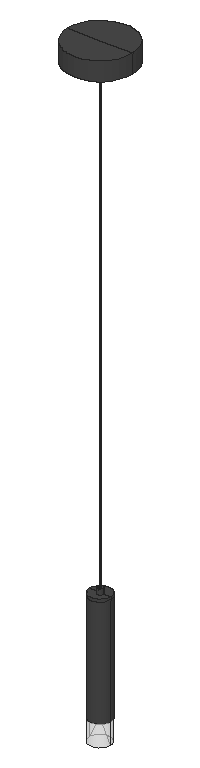
Revit family "3-6195-xx Alarum pendant", category Luminarias, Revit 2021
Family settings
  Anfitrión = Techo
  Cota de conector redondo = Diámetro de uso
  Tipo de pieza = Normal
  Número OmniClass = 23.80.70.11
  Título OmniClass = Luminaries for Internal Lighting
  Siempre vertical = Sí
  Corte con vacíos al cargar = No
  Origen de luz = Sí
  Compartido = No
  Punto de cálculo de habitación = No
Parameters (values of type "3-6195-15 / Black - Matte White Acrylic")
  Pendant height [instance] = 60.00"
  Comentarios de vataje = "4.11 W at 120 V"  # constant formula
  Wattage = 4.11 W
  built-in parameter 1150110 = 1 (stored number, unit not read)
  Voltage Input = "120 V or 277 V - 50/60 Hz"  # constant formula
  Voltage = 277 V
  URL = ""
  built-in parameter 1114217 = 1 (stored number, unit not read)
  Tilt Angle = 90.00°  # constant formula
  built-in parameter 1150109 = 1 (stored number, unit not read)
  built-in parameter 1150134 = (empty or 0)
  built-in parameter 1150113 = 1 (stored number, unit not read)
  References = "Ref. 3 = 120 V / Ref. 37 = 277 V"  # constant formula
  Archivo de red fotométrica = "3-6195-15 Alarum 1 Lt Pendant.ies"
  Modelo = "3-6195-xxx Alarun (Pendant)"  # constant formula
  Metal Finish = 15 - Black
  Fabricante = "Oxygen Lighting"  # constant formula
  Main Diffuser = Matte White Acrylic
  Lumens = 186.594 lm
  built-in parameter 1150115 = 1 (stored number, unit not read)
  built-in parameter 1150105 = 14.849 (stored number, unit not read)
  built-in parameter 1150137 = (empty or 0)
  built-in parameter 1150139 = (empty or 0)
  built-in parameter 1150112 = 1 (stored number, unit not read)
  built-in parameter 1150114 = 1 (stored number, unit not read)
  Lámpara = "LED"  # constant formula
  built-in parameter 1150132 = (empty or 0)
  built-in parameter 1150102 = (empty or 0)
  built-in parameter 1150138 = (empty or 0)
  built-in parameter 1150107 = 3000 (stored number, unit not read)
  built-in parameter 1150106 = 0.14849 (stored number, unit not read)
  built-in parameter 1150104 = 4.2178 (stored number, unit not read)
  Dimming Lamp Color Temperature Shift = (empty or 0)
  Default Elevation = 0.00"
  Color Filter = 16777215
  built-in parameter 1114218 = 1 (stored number, unit not read)
  built-in parameter 1150133 = 10 (stored number, unit not read)
Types (3): name | Pendant height | Metal Finish | Lumens | built-in parameter 1150105 | built-in parameter 1150106 | built-in parameter 1150104
  (no name) | 60.00" | 15 - Black | 186.594 lm | 14.849 (stored number, unit not read) | 0.14849 (stored number, unit not read) | 4.2178 (stored number, unit not read)
  3-6195-15 / Black - Matte White Acrylic | 60.00" | 15 - Black | 186.594 lm | 14.849 (stored number, unit not read) | 0.14849 (stored number, unit not read) | 4.2178 (stored number, unit not read)
  3-6195-40 / Aged Brass - Matte White Acrylic | 46.77503" | 40 - Aged Brass | 187.005 lm | 14.881 (stored number, unit not read) | 0.14881 (stored number, unit not read) | 4.2271 (stored number, unit not read)
Reference planes (in)
  plane 1 "Light Source Axis (F/B)": y = 0
  plane 2 "Ceiling": z = 96
  plane 3 "Light Source Axis (L/R)": x = 0
  plane 4 "Light Source Elevation": z = 36
  plane 5: z = 36
  plane 6: z = 49.13484
Forms (in)
  Revolve 1, solid, material "15 - Black" <- "Metal Finish"
    sketch origin (0, 0, 0) x (1, 0, 0) y (0, 0, 1)
      loop
        line (0, 96) -> (0, 94.23285) -> (3.09128, 94.23285) -> (3.09128, 96) -> (0, 96)
      axis (0, 96) -> (0, 94.23285)
    angle from 0 to 360
  Revolve 2, solid, material "15 - Black" <- "Metal Finish"
    sketch origin (0, 0, 0) x (1, 0, 0) y (0, 0, 1)
      loop
        line (0.34403, 94.10415) -> (0.34403, 94.23285) -> (0, 94.23285) -> (0, 93.78735) -> (0, 49.13484) -> (0.05197, 49.13484) -> (0.05197, 93.78735) -> (0.10643, 93.78735) -> (0.10643, 94.03485)
        arc (0.10643, 94.03485) -> (0.22641, 94.06545) -> (0.34403, 94.10415) r 1.81637
      axis (0, 49.13484) -> (0, 94.23285)
    angle from 0 to 360
Lines and regions (in)
  symbolic lines
    curve 1: line (-17.5, 13.77739, 0) -> (17.5, 13.77739, 0)
Dimensions and locks (in)
  equal spacing: host sketch curve, plane 3 "Light Source Axis (L/R)", host sketch curve
  equal spacing: host sketch curve, plane 1 "Light Source Axis (F/B)", host sketch curve
  host sketch curve to host sketch curve = 120.00"  (x2)
  "Pendant height": plane 2 "Ceiling" to plane 4 "Light Source Elevation"
  locked: plane 6 to plane 4 "Light Source Elevation" at 13.13484
  aligned and locked: plane 4 "Light Source Elevation" to imposter light
  aligned and locked: imposter light to plane 3 "Light Source Axis (L/R)"
  aligned and locked: imposter light to plane 1 "Light Source Axis (F/B)"
  aligned and locked: plane 4 "Light Source Elevation" to plane 5
  aligned and locked: nested 1 to plane 4 "Light Source Elevation"
  aligned and locked: plane 6 to Revolve 2
Automatic sketch dimensions
  curve 1 to plane 3 "Light Source Axis (L/R)" = 17.50"
  curve 1 to plane 1 "Light Source Axis (F/B)" = 13.77739"
  plane 3 "Light Source Axis (L/R)" to curve 1 = 17.50"
  Revolve 1 sketch curve to plane 3 "Light Source Axis (L/R)" = 0.00"  (x2)
  Revolve 1 sketch curve to plane 2 "Ceiling" = 0.00"
  plane 3 "Light Source Axis (L/R)" to Revolve 1 sketch curve = 3.09128"
  Revolve 1 sketch curve to level = 1.64759"
  plane 2 "Ceiling" to Revolve 1 sketch curve = 4.25"
  Revolve 2 sketch curve to plane 3 "Light Source Axis (L/R)" = 0.00"  (x2)
  Revolve 2 sketch curve to plane 3 "Light Source Axis (L/R)" = 0.28217"
  Revolve 2 sketch curve to Revolve 2 sketch curve = 0.05197"
  Revolve 2 sketch curve to Revolve 2 sketch curve = 0.05445"
  Revolve 2 sketch curve to Revolve 2 sketch curve = 0.2376"
  Revolve 2 sketch curve to plane 4 "Light Source Elevation" = 13.13484"
  Revolve 2 sketch curve to Revolve 2 sketch curve = 0.4455"
  Revolve 2 sketch curve to plane 2 "Ceiling" = 0.19083"
  Revolve 2 sketch curve to Revolve 2 sketch curve = 0.198"
  plane 2 "Ceiling" to Revolve 2 sketch curve = 1.00"
  Revolve 2 sketch curve to Revolve 2 sketch curve = 0.75"
  Revolve 1 sketch curve to Revolve 1 sketch curve = 1.76715"
  Revolve 2 sketch curve to Revolve 2 sketch curve = 2.02181"
  Revolve 2 sketch curve to Revolve 2 sketch curve = 0.00"
Nested families (in)
  nested 1: "Familia1" at (0, 0, 36), type "Familia1"
Connectors (in)
  electrical at (0, 0, 96), driven by "Voltage"
    settings: on host ceiling, index 1, voltage 277 V, apparent load 0 VA, apparent load phase1 0 VA, apparent load phase2 0 VA, apparent load phase3 0 VA, power factor 1, load classification "Other", number of poles 1, system type 31, power factor state 1, is connector primary yes, connector utility no, sub classification motor no, connector description ""
Definition of nested family "Familia1"
  Parameters (values of type "Familia1")
    met = none
    dif = none
    Metal Finish = none
    Default Elevation = 0.00"
  Reference planes (in)
    plane 1 "Center (Front/Back)": y = 0
    plane 2: z = 0
    plane 3 "Center (Left/Right)": x = 0
  Forms (in)
    Revolve 1, solid, material <- "met", not visible
      sketch origin (62.92501, 4.46564, 0) x (1, 0, 0) y (0, 0, 1)
        loop
          line (-16.01227, 62.4681) -> (-16.01227, 66.59242) -> (-16.99275, 66.59242) -> (-16.99275, 62.4681) -> (-16.01227, 62.4681)
        axis (-16.99275, 66.59242) -> (-16.99275, 62.4681)
      angle from 0 to 360
    Revolve 2, solid, material <- "dif", not visible
      sketch origin (62.92501, 4.46564, 0) x (1, 0, 0) y (0, 0, 1)
        loop
          line (-16.99275, 68.56037) -> (-16.99275, 66.59242) -> (-16.01227, 66.59242) -> (-16.01227, 68.56037) -> (-16.99275, 68.56037)
        loop
          line (-16.01227, 62.4681) -> (-16.99275, 62.4681) -> (-16.99275, 60.50015) -> (-16.01227, 60.50015) -> (-16.01227, 62.4681)
        axis (-16.99275, 60.50015) -> (-16.99275, 68.56037)
      angle from 0 to 360
    Revolve 3, solid, material <- "met"
      sketch origin (1.66805, 0, -59.28604) x (1, 0, 0) y (0, 0, 1)
        loop
          line (-1.66805, 72.46729) -> (-1.66805, 61.37321) -> (-0.62447, 61.37321) -> (-0.62447, 71.82594) -> (-0.62447, 72.03973) -> (-1.3727, 72.03973) -> (-1.3727, 72.46729) -> (-1.66805, 72.46729)
        axis (-1.66805, 72.46729) -> (-1.66805, 61.37321)
      angle from 0 to 360
    Revolve 4, solid, material <- "dif"
      sketch origin (1.66805, 0, -59.28604) x (1, 0, 0) y (0, 0, 1)
        loop
          line (-1.66805, 61.37321) -> (-1.66805, 59.28604) -> (-0.62447, 59.28604) -> (-0.62447, 61.37321) -> (-1.66805, 61.37321)
        axis (-1.66805, 59.28604) -> (-1.66805, 61.37321)
      angle from 0 to 360
  Dimensions and locks (in)
    aligned and locked: level to plane 2
